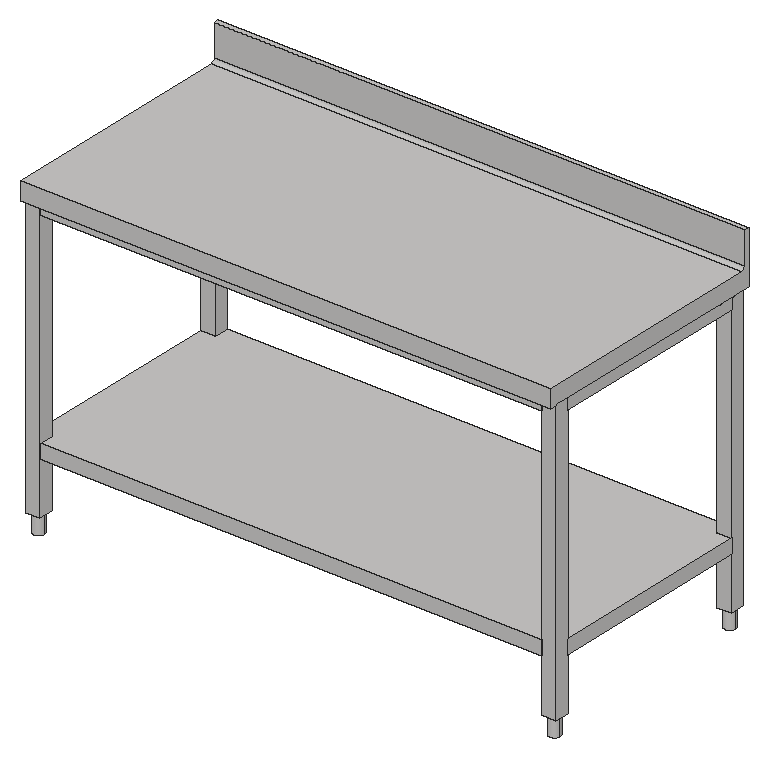
Revit family "QF_ELECTROLUXPROFESSIONAL_134098_LSGTG1510E", category Attrezzature speciali, Revit 2020
Family settings
  Quota connettore circolare = Usa diametro
  Tipo di parte = Normale
  Basato su piano di lavoro = No
  Sempre verticale = Sì
  Taglio con vuoti quando caricato = No
  Condiviso = No
  Punto di calcolo locali = No
Parameters (values of type "Standard")
  Weight = 51.50 kg
  Watts = 0 W
  Volts = 0 V
  URL Manufacturer = "https://www.electroluxprofessional.com/"
  URL = "https://www.electroluxprofessional.com/"
  Steam Supply Size = 0 mm
  Steam Supply Minimum Pressure = 0.0 Pa
  Steam Supply Maximum Pressure = 0.0 Pa
  Steam Consumption per Hour = 0
  Refrigeration Suction Line Size = 0.0 mm
  Refrigeration Liquid Line Size = 0.0 mm
  Refrigerant Compressor Remote = yes
  Prospetto di default = 0.0 mm
  Produttore = "Electrolux Professional"
  Phase = 0
  Modello = "LSGTG1510E"
  Length Actual = 1500.0 mm  # constant formula
  Item Number = "134098"
  Hot Water Size = 0 mm
  Height Actual = 1000.0 mm  # constant formula
  HP = "0 HP"
  Gas Size = 0 mm
  Gas KW = 0
  Gas Input Pressure = 0 W
  Direct Waste Size = 0 mm
  Descrizione = "WORK TABLE  1500 MM+UPSTAND+LOWER SHELF"
  Depth Actual = 700.0 mm  # constant formula
  Cycle = 0 Hz
  Condensate Return Size = 0 mm
  Compressed Air Volume = 0.0 L/s
  Compressed Air Size = 0 mm
  Compressed Air Pressure = 0.0 Pa
  Cold Water Size = 0 mm
  Accessory = yes
Reference planes
  plane 1 "Center (Front/Back)": y = 0
  plane 2: z = 0
  plane 3 "Center (Left/Right)": x = -250
  plane 4 "LEFT": x = -1000
  plane 5 "RIGHT": x = 500
  plane 6 "BACK": y = 350
  plane 7 "FRONT": y = -350
  plane 8 "Base": z = 850
  plane 9 "TOP": z = 900
  plane 10: x = -980
  plane 11: x = 480
  plane 12: y = 310
  plane 13: y = -310
  plane 14 "TRAVERSI": z = 820
  plane 15: x = -960
  plane 16: x = 460
  plane 17: y = 290
  plane 18: y = -290
  plane 19: y = 330
  plane 20: y = -330
  plane 21 "Plane": z = 200
Forms (mm)
  Extrusion 1, solid, material "QF_Finishes_Stainless Steel"
    sketch origin (-250, 0, 0) x (0, 1, 0) y (0, 0, 1)
      loop
        line (-350, 850) -> (350, 850) -> (350, 1000) -> (337, 1000) -> (337, 910)
        arc (337, 910) -> (334.071, 902.929) -> (327, 900) r 10
        line (327, 900) -> (-350, 900) -> (-350, 850)
    from 750 to -750
  Extrusion 2, solid, material "QF_Finishes_Stainless Steel"
    sketch origin (0, 0, 820) x (0, 1, 0) y (-1, 0, 0)
      loop
        line (290, -460) -> (-290, -460) -> (-290, -500) -> (290, -500) -> (290, -460)
      loop
        line (290, 1000) -> (-290, 1000) -> (-290, 960) -> (290, 960) -> (290, 1000)
    from 0 to 30
  Extrusion 3, solid, material "QF_Finishes_Stainless Steel"
    sketch origin (0, 0, 820) x (0, 1, 0) y (-1, 0, 0)
      loop
        line (330, -460) -> (330, 960) -> (290, 960) -> (290, -460) -> (330, -460)
      loop
        line (-290, 960) -> (-330, 960) -> (-330, -460) -> (-290, -460) -> (-290, 960)
    from 0 to 30
  Extrusion 4, solid, material "QF_Finishes_Stainless Steel"
    sketch origin (0, 0, 200) x (0, 1, 0) y (-1, 0, 0)
      loop
        line (290, 1000) -> (-290, 1000) -> (-290, 960) -> (-330, 960) -> (-330, -460) -> (-290, -460) -> (-290, -500) -> (290, -500) -> (290, -460) -> (330, -460) -> (330, 960) -> (290, 960) -> (290, 1000)
    from 0 to 40
Lines and regions (mm)
  symbolic lines
    curve 1: line (500, 350, 900) -> (-1000, 350, 900)
    curve 2: line (-1000, 350, 900) -> (-1000, -350, 900)
    curve 3: line (-1000, -350, 900) -> (500, -350, 900)
    curve 4: line (500, -350, 900) -> (500, 350, 900)
    curve 5: line (-1000, 337, 820) -> (500, 337, 820)
Dimensions and locks
  plane 4 "LEFT" to plane 5 "RIGHT" = 1500.0 mm
  equal spacing: plane 4 "LEFT", plane 3 "Center (Left/Right)", plane 5 "RIGHT"
  plane 4 "LEFT" to plane 10 = 20.0 mm
  plane 11 to plane 5 "RIGHT" = 20.0 mm
  plane 10 to plane 11 = 1460.0 mm
  plane 6 "BACK" to plane 12 = 40.0 mm
  plane 13 to plane 7 "FRONT" = 40.0 mm
  plane 6 "BACK" to plane 7 "FRONT" = 700.0 mm
  plane 12 to plane 13 = 620.0 mm
  equal spacing: plane 6 "BACK", plane 1 "Center (Front/Back)", plane 7 "FRONT"
  plane 8 "Base" to plane 14 "TRAVERSI" = 30.0 mm
  locked: plane 10 to plane 15 at 20
  locked: plane 16 to plane 11 at 20
  locked: plane 19 to plane 12 at 20
  locked: plane 12 to plane 17 at 20
  locked: plane 18 to plane 13 at 20
  locked: plane 13 to plane 20 at 20
  locked: plane 8 "Base" to level at 850
  locked: Extrusion 1 to level at 1000
  locked: plane 21 "Plane" to level at 200
  aligned and locked: level to plane 2
  aligned and locked: plane 10 to nested 1
  aligned and locked: nested 1 to plane 13
  aligned and locked: plane 11 to nested 2
  aligned and locked: nested 2 to plane 13
  aligned and locked: plane 11 to nested 4
  aligned and locked: nested 4 to plane 12
  aligned and locked: plane 10 to nested 3
  aligned and locked: nested 3 to plane 12
  aligned and locked: Extrusion 1 to plane 4 "LEFT"
  aligned and locked: plane 5 "RIGHT" to Extrusion 1
  aligned and locked: curve 2 to plane 4 "LEFT"
  aligned and locked: Extrusion 2 sketch curve to plane 5 "RIGHT"
  aligned and locked: Extrusion 2 sketch curve to plane 17  (x2)
  aligned and locked: plane 16 to Extrusion 2 sketch curve
  aligned and locked: plane 18 to Extrusion 2 sketch curve  (x2)
  aligned and locked: plane 4 "LEFT" to Extrusion 2 sketch curve
  aligned and locked: Extrusion 2 sketch curve to plane 15
  aligned and locked: plane 19 to Extrusion 3 sketch curve
  aligned and locked: Extrusion 3 sketch curve to plane 17
  aligned and locked: Extrusion 3 sketch curve to plane 18
  aligned and locked: plane 20 to Extrusion 3 sketch curve
  aligned and locked: Extrusion 3 sketch curve to plane 15
  aligned and locked: plane 15 to Extrusion 3 sketch curve
  aligned and locked: plane 16 to Extrusion 3 sketch curve
  aligned and locked: Extrusion 3 sketch curve to plane 16
  aligned and locked: curve 5 to Extrusion 1
  aligned and locked: plane 19 to Extrusion 4 sketch curve
  aligned and locked: plane 5 "RIGHT" to Extrusion 4 sketch curve
  aligned and locked: Extrusion 4 sketch curve to plane 4 "LEFT"
  aligned and locked: Extrusion 4 sketch curve to plane 20
  aligned and locked: Extrusion 4 sketch curve to Extrusion 2
  aligned and locked: Extrusion 4 sketch curve to plane 15
  aligned and locked: plane 17 to Extrusion 4 sketch curve  (x2)
  aligned and locked: Extrusion 4 sketch curve to plane 18  (x2)
  aligned and locked: plane 16 to Extrusion 4 sketch curve  (x2)
Automatic sketch dimensions
  curve 3 to plane 7 "FRONT" = 0.0 mm
  curve 4 to plane 6 "BACK" = 0.0 mm
  curve 4 to plane 5 "RIGHT" = 0.0 mm
  Extrusion 1 sketch curve to plane 7 "FRONT" = 0.0 mm
  Extrusion 1 sketch curve to plane 9 "TOP" = 0.0 mm
  Extrusion 1 sketch curve to plane 6 "BACK" = 0.0 mm
  Extrusion 1 sketch curve to plane 8 "Base" = 0.0 mm
  Extrusion 1 sketch curve to plane 19 = 3.0 mm
  plane 19 to Extrusion 1 sketch curve = 7.0 mm
  Extrusion 1 sketch curve to Extrusion 1 sketch curve = 90.0 mm
  curve 5 to plane 5 "RIGHT" = 0.0 mm
  curve 5 to plane 4 "LEFT" = 0.0 mm
Nested families
  nested 1: "FEET_40x40_P50" at (-980, -310, 0), type "FEET_40x40_P50"
  nested 2: "FEET_40x40_P50" at (480, -310, 0), type "FEET_40x40_P50"
  nested 3: "FEET_40x40_P50" at (-980, 310, 0), type "FEET_40x40_P50"
  nested 4: "FEET_40x40_P50" at (480, 310, 0), type "FEET_40x40_P50"
Definition of nested family "FEET_40x40_P50"
  Parameters
    Default Elevation = 0.0 mm
    FEET = 850.0 mm
  Reference planes
    plane 1 "Center (Front/Back)": y = 0
    plane 2: z = 0
    plane 3 "Center (Left/Right)": x = 0
    plane 4: z = 850
  Forms (mm)
    Extrusion 1, solid
      sketch origin (0, 0, 0) x (1, 0, 0) y (0, 1, 0)
        loop
          line (-20, -20) -> (20, -20) -> (20, 20) -> (-20, 20) -> (-20, -20)
      from 50 to 850
    Extrusion 2, solid
      sketch origin (0, 0, 0) x (1, 0, 0) y (0, 1, 0)
        loop
          circle (0, 0) r 16
      from 0 to 50
  Lines and regions (mm)
    symbolic lines
      curve 1: line (0, -1.503, 0) -> (0, 1.508, 0)
      curve 2: line (1.561, 0, 0) -> (-1.439, 0, 0)
  Dimensions and locks
    "FEET": plane 4 to plane 2
    aligned and locked: level to plane 2
  Automatic sketch dimensions
    Extrusion 1 sketch curve to plane 3 "Center (Left/Right)" = 20.0 mm
    plane 3 "Center (Left/Right)" to Extrusion 1 sketch curve = 20.0 mm
    plane 1 "Center (Front/Back)" to Extrusion 1 sketch curve = 20.0 mm
    Extrusion 1 sketch curve to plane 1 "Center (Front/Back)" = 20.0 mm
    plane 1 "Center (Front/Back)" to Extrusion 2 sketch curve = 0.0 mm
    Extrusion 2 sketch curve to plane 3 "Center (Left/Right)" = 0.0 mm
    plane 1 "Center (Front/Back)" to curve 2 = 0.0 mm
    curve 1 to plane 3 "Center (Left/Right)" = 0.0 mm
    curve 2 to plane 3 "Center (Left/Right)" = 1.439 mm
    plane 3 "Center (Left/Right)" to curve 2 = 1.561 mm
    plane 1 "Center (Front/Back)" to curve 1 = 1.503 mm
    curve 1 to plane 1 "Center (Front/Back)" = 1.508 mm
    radius of Extrusion 2 sketch curve = 16.0 mm
